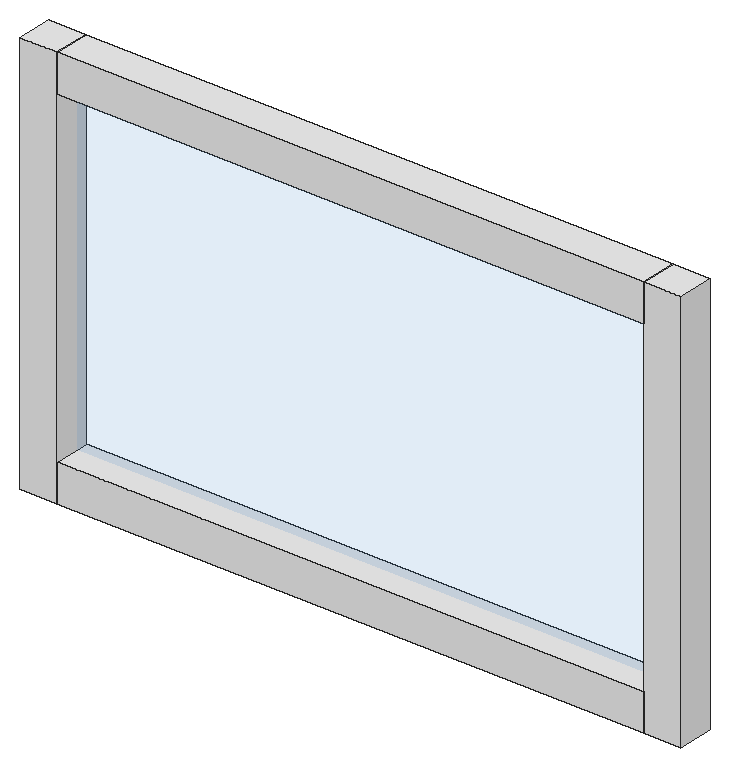
Revit family "Window_Curtain_Wall-Project_Out-Kawneer-AA4325", category Windows, Revit 2015 (continued)
Dimensions and locks (in)
  aligned and locked: plane 21 "Active Panel Top Inset" to curve 24
  aligned and locked: plane 17 "Sill Top" to curve 29
  aligned and locked: curve 24 to plane 26 "Right Glass Interior"
  aligned and locked: curve 25 to plane 61 "Right Glass Center L/R"
  aligned and locked: curve 26 to plane 25 "Right Glass Exterior"
  aligned and locked: curve 27 to plane 35 "Left Glass Interior"
  aligned and locked: curve 28 to plane 59 "Left Glass Center L/R"
  aligned and locked: curve 29 to plane 34 "Left Glass Exterior"
  aligned and locked: plane 34 "Left Glass Exterior" to curve 30
  aligned and locked: plane 32 "Left Glass Ext. Offset" to curve 30
  aligned and locked: curve 30 to plane 17 "Sill Top"
  aligned and locked: plane 10 "Interior/Front" to curve 31
  aligned and locked: plane 10 "Interior/Front" to curve 32
  aligned and locked: plane 32 "Left Glass Ext. Offset" to curve 31
  aligned and locked: plane 32 "Left Glass Ext. Offset" to curve 32
  aligned and locked: curve 32 to plane 21 "Active Panel Top Inset"
  aligned and locked: curve 31 to plane 72 "Active Frame Offset"
  aligned and locked: Masking region 1 sketch curve to plane 54 "Fixed Panel Top"
  aligned and locked: Masking region 20 sketch curve to plane 13 "Window Top"
  aligned and locked: plane 10 "Interior/Front" to Masking region 20 sketch curve
  aligned and locked: Masking region 20 sketch curve to plane 32 "Left Glass Ext. Offset"
  aligned and locked: plane 17 "Sill Top" to Masking region 20 sketch curve
  aligned and locked: plane 10 "Interior/Front" to curve 33
  aligned and locked: plane 10 "Interior/Front" to curve 34
  aligned and locked: plane 32 "Left Glass Ext. Offset" to curve 34
  aligned and locked: plane 32 "Left Glass Ext. Offset" to curve 33
  aligned and locked: curve 33 to plane 69 "Horizontal Fixed Mullion Top"
  aligned and locked: curve 34 to plane 70 "Horizontal Fixed Mullion Bottom"
  aligned and locked: plane 69 "Horizontal Fixed Mullion Top" to curve 37
  aligned and locked: curve 35 to plane 31 "Mid Glass Interior"
  aligned and locked: plane 60 "Mid Glass Center L/R" to curve 36
  aligned and locked: curve 37 to plane 30 "Mid Glass Exterior"
  aligned and locked: plane 10 "Interior/Front" to curve 38
  aligned and locked: plane 32 "Left Glass Ext. Offset" to curve 38
  aligned and locked: plane 10 "Interior/Front" to curve 39
  aligned and locked: plane 32 "Left Glass Ext. Offset" to curve 39
  aligned and locked: curve 39 to plane 14 "Head Bottom"
  aligned and locked: plane 14 "Head Bottom" to curve 42
  aligned and locked: curve 41 to plane 60 "Mid Glass Center L/R"
  aligned and locked: curve 42 to plane 30 "Mid Glass Exterior"
  aligned and locked: curve 40 to plane 31 "Mid Glass Interior"
  aligned and locked: plane 78 "Top Mullion Right" to Sweep 3 sketch curve
  aligned and locked: plane 77 "Top Mullion Left" to Sweep 3 sketch curve
  aligned and locked: plane 80 "Center Mullion Right" to Sweep 11 sketch curve
  aligned and locked: plane 79 "Center Mullion Left" to Sweep 11 sketch curve
  aligned and locked: Masking region 18 sketch curve to plane 73 "Fixed Jamb Left"
  aligned and locked: plane 74 "Fixed Jamb Right" to Masking region 18 sketch curve
  aligned and locked: plane 78 "Top Mullion Right" to Masking region 4 sketch curve
  aligned and locked: Masking region 4 sketch curve to plane 77 "Top Mullion Left"
  aligned and locked: plane 12 "Window Right" to Masking region 2 sketch curve
Automatic sketch dimensions
  plane 18 "Window Bottom" to Sweep 2 sketch curve = 0' - 0.24"
  plane 4 "Left" to Masking region 2 sketch curve = 0' - 0"
  Masking region 2 sketch curve to level = 0' - 0"  (x2)
  plane 74 "Fixed Jamb Right" to Sweep 13 sketch curve = 0' - 0"
  plane 73 "Fixed Jamb Left" to Sweep 13 sketch curve = 0' - 0"
  curve 6 to plane 9 "Exterior/Back" = 0' - 0"
  Sweep 7 sketch curve to plane 24 "Right Panel Center L/R" = 0' - 1 5/8"
